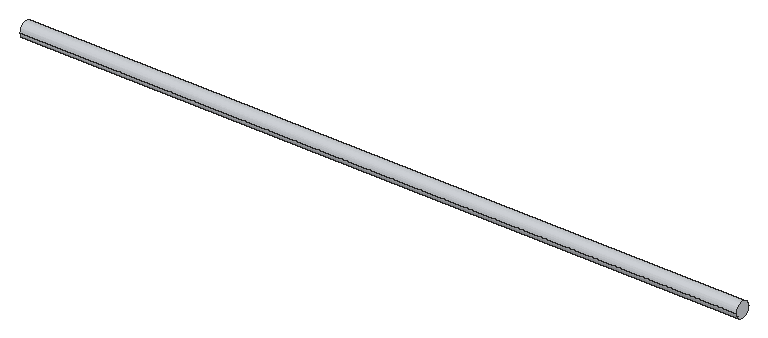
Revit family "StructuralFraming_CircleProfile", category Structural Framing, Revit 2018
Family settings
  Structural Framing Length Roundoff = 1 mm
  Section Shape = Round
  Material for Model Behavior = Steel
  Always export as geometry = No
  Always vertical = Yes
  Cut with Voids When Loaded = No
  Symbolic Representation = From Project Settings
  Shared = No
  Show family pre-cut in plan views = Yes
Parameters (values of type "CircleProfile")
  Structural Material [instance] = none
  Length [instance] = 1500 mm
  Keynote = "G10"
  Diameter = 25 mm
Reference planes
  plane 1 "Center (Front/Back)": y = 0
  plane 2: z = 0
  plane 3 "Center (Left/Right)": x = 4.61
  plane 4 "Member Left": x = -604.99
  plane 5 "Member Right": x = 614.21
  plane 6: y = 12.5
  plane 7: y = -12.5
  plane 8 "Top": z = 12.5
  plane 9: z = -12.5
  plane 10 "Left": x = -757.39
  plane 11 "Right": x = 742.61
Forms (mm)
  Extrusion 1, solid, material <- "Structural Material", detail levels medium+fine
    sketch origin (4.61, 0, 0) x (0, 1, 0) y (0, 0, 1)
      loop
        circle (0, 0) r 12.5
    from -609.6 to 609.6
Lines and regions (mm)
  symbolic lines, style "Stick Symbols", detail levels coarse
    curve 1: arc (0, 12.5, 0) -> (0, 0, -12.5) -> (0, -12.5, 0) r 12.5
    curve 2: arc (0, -12.5, 0) -> (0, 0, 12.5) -> (0, 12.5, 0) r 12.5
Dimensions and locks
  "Diameter": plane 6 to plane 7
  "Diameter": plane 9 to plane 8 "Top"
  equal spacing: plane 9, plane 2, plane 8 "Top"
  equal spacing: plane 6, plane 1 "Center (Front/Back)", plane 7
  "Length": plane 10 "Left" to plane 11 "Right"
  aligned and locked: plane 4 "Member Left" to Extrusion 1
  aligned and locked: Extrusion 1 to plane 5 "Member Right"
Automatic sketch dimensions
  Extrusion 1 sketch curve to level = 0 mm
  Extrusion 1 sketch curve to plane 7 = 0 mm
  Extrusion 1 sketch curve to plane 1 "Center (Front/Back)" = 0 mm
  curve 1 to level = 0 mm
  curve 1 to plane 7 = 0 mm
  curve 1 to plane 1 "Center (Front/Back)" = 0 mm
